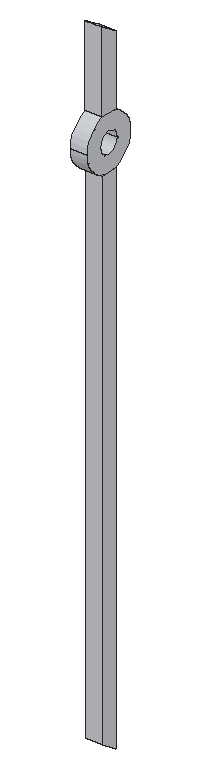
Revit family "Baluster-Custom2 (M).0001", category 난간동자, Revit 2026
Family settings
  항상 수직 = 예
  로드될 때 보이드를 사용하여 절단 = 아니오
  공유 = 아니오
Parameters (values of type "20mm")
  built-in parameter 1008623 [instance] = 32.47°
  built-in parameter 1008625 [instance] = (empty or 0)
  Post = no
  built-in parameter 1008624 [instance] = 32.47°
  Width = 20 mm
  Baluster Material = none
  built-in parameter 1008622 [instance] = 762 mm
Types (3, lengths in mm): name | Width
  (no name) | 20
  25mm | 25
  20mm | 20
Reference planes
  plane 1 "Center F/B": y = 0
  plane 2: z = 0
  plane 3 "Center L/R": x = 0
  plane 4 "Top": z = 762
  plane 5 "Top Angle Cut": through (0, 345.134, 542.379) normal (0, -0.5369, -0.8437)
  plane 6: z = 862
  plane 7: z = 609.6
  plane 8: z = 673.1
  plane 9: z = 641.35
  plane 10: z = -100
  plane 11 "Bottom Angle Cut": through (0, 0, 0) normal (0, -0.5369, -0.8437)
  plane 12: y = 50
  plane 13: x = 50
  plane 14: y = -50
  plane 15: x = -50
Forms (mm)
  Extrusion 1, solid, material <- "Baluster Material"
    sketch origin (0, 0, 0) x (1, 0, 0) y (0, 1, 0)
      loop
        line (-10, 10) -> (-10, -10) -> (10, -10) -> (10, 10) -> (-10, 10)
    from 673.1 to 862
  Extrusion 2, void
    sketch origin (0, 0, 0) x (0, 1, 0) y (0, 0, 1)
      loop
        line (-50, 862) -> (-50, 793.817) -> (50, 730.183) -> (50, 862) -> (-50, 862)
    from -50 to 50
  Extrusion 3, solid, material <- "Baluster Material"
    sketch origin (0, 0, 0) x (1, 0, 0) y (0, 1, 0)
      loop
        line (-9.525, 10.475) -> (-9.525, -9.525) -> (10.475, -9.525) -> (10.475, 10.475) -> (-9.525, 10.475)
    from -100 to 609.6
  Extrusion 4, solid, material <- "Baluster Material"
    sketch origin (0, 0, 0) x (0, 1, 0) y (0, 0, 1)
      loop
        circle (0, 641.35) r 31.75
      loop
        circle (0, 641.35) r 12.7
    from -10 to 10
  Extrusion 5, void
    sketch origin (0, 0, 0) x (0, 1, 0) y (0, 0, 1)
      loop
        line (-50, -100) -> (50, -100) -> (50, -31.817) -> (-50, 31.817) -> (-50, -100)
    from -50 to 50
Cuts and joins
  Extrusion 2, Extrusion 5 cuts Extrusion 1
  Extrusion 5 cuts Extrusion 3
  Extrusion 5 cuts Extrusion 4
Dimensions and locks
  "built-in parameter 1008622": plane 2 to plane 4 "Top"
  locked: plane 4 "Top" to plane 6 at 100
  equal spacing: Extrusion 1 sketch curve, plane 3 "Center L/R", Extrusion 1 sketch curve
  equal spacing: Extrusion 1 sketch curve, plane 1 "Center F/B", Extrusion 1 sketch curve
  "Width": Extrusion 1 sketch curve to Extrusion 1 sketch curve  (x2)
  Extrusion 3 sketch curve to Extrusion 3 sketch curve = 20 mm  (x2)
  "Width": Extrusion 3 sketch curve to Extrusion 3 sketch curve  (x2)
  locked: plane 7 to plane 8 at 63.5
  equal spacing: plane 7, plane 9, plane 8
  locked: level to plane 10 at 100
  locked: plane 7 to plane 4 "Top" at 152.4
  locked: plane 15 to plane 3 "Center L/R" at 50
  locked: plane 3 "Center L/R" to plane 13 at 50
  locked: plane 1 "Center F/B" to plane 12 at 50
  locked: plane 14 to plane 1 "Center F/B" at 50
  "built-in parameter 1008623": angle plane 4 "Top" to plane 5 "Top Angle Cut"
  "built-in parameter 1008624": angle level to plane 11 "Bottom Angle Cut"
  aligned and locked: Extrusion 1 to plane 6
  aligned and locked: Extrusion 3 to plane 7
  aligned and locked: plane 8 to Extrusion 1
  aligned and locked: Extrusion 4 to cut or joined group of Extrusion 1, Extrusion 2, Extrusion 5  (x2)
  aligned and locked: plane 10 to Extrusion 3
  aligned and locked: plane 15 to Extrusion 2
  aligned and locked: Extrusion 2 to plane 13
  aligned and locked: plane 12 to Extrusion 2 sketch curve
  aligned and locked: plane 14 to Extrusion 2 sketch curve
  aligned and locked: plane 6 to Extrusion 2 sketch curve
  aligned and locked: Extrusion 2 sketch curve to plane 5 "Top Angle Cut"
  aligned and locked: plane 10 to Extrusion 5 sketch curve
  aligned and locked: plane 14 to Extrusion 5 sketch curve
  aligned and locked: Extrusion 5 sketch curve to plane 12
  aligned and locked: Extrusion 5 sketch curve to plane 11 "Bottom Angle Cut"
  aligned and locked: plane 15 to Extrusion 5
  aligned and locked: Extrusion 5 to plane 13
Automatic sketch dimensions
  Extrusion 3 sketch curve to plane 3 "Center L/R" = 9.525 mm
  plane 1 "Center F/B" to Extrusion 3 sketch curve = 9.525 mm
  Extrusion 4 sketch curve to plane 9 = 0 mm  (x2)
  Extrusion 4 sketch curve to plane 1 "Center F/B" = 0 mm  (x2)
  plane 1 "Center F/B" to Extrusion 4 sketch curve = 12.7 mm
  Extrusion 4 sketch curve to Extrusion 4 sketch curve = 19.05 mm
